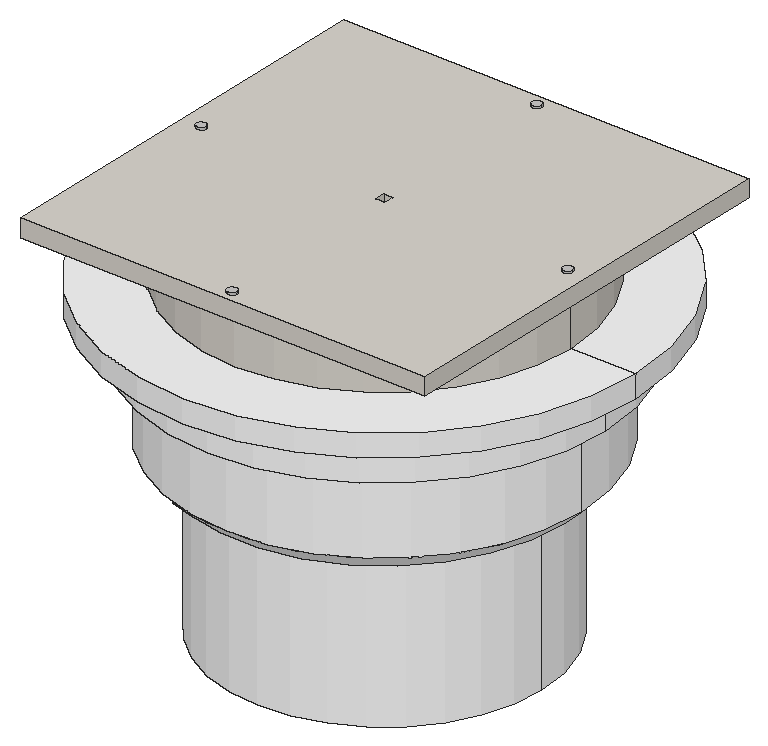
Revit family "Cleanouts-Drain-Floor-WATTS-RD-CO12-SQ", category Plumbing Fixtures, host Face, Revit 2019
Family settings
  Host = Face
  Round Connector Dimension = Use Radius
  Part Type = Normal
  OmniClass Number = 23.70.50.21.24.11
  OmniClass Title = Roof Waste Water Drains
  Cut with Voids When Loaded = No
  Shared = No
  Room Calculation Point = No
Parameters (values of type "4" Pipe Size - ABS-WATTS-002")
  Waste Connection = yes
  WFU = 0
  Vent Connection = no
  URL = "http://www.watts.com"
  Region = "North America"  # constant formula
  Product Page URL = "https://www.watts.com/products/drainage-solutions/floor-drains-channels-trench/cleanouts/co12-sq"
  Product Documentation Link = "https://www.watts.com/dfsmedia/0533dbba17714b1ab581ab07a4cbb521/60191-source/ES-WDLC-CO12-SQ"
  Outlet Radius = 2"
  Outlet Length = 2"  # constant formula
  Model = "CO12-SQ"
  Material = "Plastic-WATTS-ABS-002"
  Manufacturer Product Line = "Drainage Products"  # constant formula
  Manufacturer = "WATTS"  # constant formula
  HWFU = 0
  HW Connection = no
  Grate Width = 5 1/8"  # constant formula
  Grate Height = 7/8"
  Flange Thickness = 0.297"  # constant formula
  Flange Radius = 3 3/16"  # constant formula
  Finish = Plastic-WATTS- PVC-White
  Description = "PVC/ABS Adjustable Floor Cleanout w/Square Top"  # constant formula
  Default Elevation = 0"
  -DI Ductile Iron Top = no
  Country = "United States"  # constant formula
  Flange Collar Radius = 2 205/256"
  Connection Size = Outlet Radius * 2  # 4"
  Connection Description = "4\" ABS Connection Outlet"
  CWFU = 0
  CW Connection = no
  Body Radius = 2 1/2"  # constant formula
  Body Length = 2"  # constant formula
  Assembly Code = "D2040200"
  ADA Compliant = yes
  Grate Dimension = if(Grate Height < 7/8", 7/8", if(Grate Height > 2 3/4", 2 3/4", Grate Height))  # 7/8"
  -VP Vandal Proof Screws = yes
  -SS Stainless Steel = no
Types (7): name | Outlet Radius | Material | Grate Height | -DI Ductile Iron Top | Connection Size | Connection Description | Grate Dimension | -VP Vandal Proof Screws
  (no name) | 2" | "Plastic-WATTS-ABS-002" | 7/8" | no | 4" | "4\" ABS Connection Outlet" | 7/8" | yes
  4" Pipe Size - ABS-WATTS-002 | 2" | "Plastic-WATTS-ABS-002" | 7/8" | no | 4" | "4\" ABS Connection Outlet" | 7/8" | yes
  3" Pipe Size -ABS-WATTS-002 | 1 1/2" | "Plastic-WATTS-ABS-002" | 9" | yes | 3" | "3\" ABS Connection Outlet" | 2 3/4" | no
  2" Pipe Size - ABS-WATTS-002 | 1" | "Plastic-WATTS-ABS-002" | 1" | yes | 2" | "2\" ABS Connection Outlet" | 1" | no
  2" Pipe Size - PVC-WATTS-002 | 1" | "Plastic-WATTS-PVC-002" | 1" | no | 2" | "2\" PVC Connection Outlet" | 1" | yes
  3" Pipe Size - PVC-WATTS-002 | 1 1/2" | "Plastic-WATTS-PVC-002" | 2 3/4" | no | 3" | "3\" PVC Connection Outlet" | 2 3/4" | no
  4" Pipe Size - PVC-WATTS-002 | 2" | "Plastic-WATTS-PVC-002" | 7/8" | yes | 4" | "4\" PVC Connection Outlet" | 7/8" | no
Reference planes (in)
  plane 1 "Center (Front/Back)": y = 0
  plane 2: z = 0
  plane 3 "Center (Left/Right)": x = 0
  plane 4: x = 2.5625
  plane 5: x = -2.5625
  plane 6: y = 2.5625
  plane 7: y = -2.5625
  plane 8: z = -0.875
  plane 9: z = -0.25265
Forms (in)
  Revolve 1, solid, material "Plastic-WATTS- PVC-White" <- "Finish"
    sketch origin (0, 0, 0) x (1, 0, 0) y (0, 0, 1)
      loop
        line (0, -0.875) -> (-3.1875, -0.875) -> (-3.1875, -1.15625) -> (-2.80078, -1.15625) -> (-2.80078, -1.65625) -> (-2.5, -1.65625) -> (-2.5, -2.6799) -> (-2.3049, -2.875) -> (-2, -2.875) -> (-2, -4.875) -> (0, -4.875) -> (0, -0.875)
      axis (0, -4.875) -> (0, -0.875)
    angle from 0 to 360
  Sweep 2, solid, material "Metal-WATTS-Nickel Bronze"
    path origin (0, 0, 0) x (1, 0, 0) y (0, 1, 0)
      loop
        line (-2.5625, 2.5625) -> (-2.5625, -2.5625) -> (2.5625, -2.5625) -> (2.5625, 2.5625) -> (-2.5625, 2.5625)
    profile origin (0, 2.5625, 0) x (0, 1, 0) y (0, 0, 1)
      loop
        line (0, 0) -> (-2.5, 0) -> (-2.5, -0.25265) -> (-0.20205, -0.25265) -> (0, -0.22064) -> (0, 0)
  Revolve 3, solid, material "Metal-WATTS-Nickel Bronze"
    sketch origin (0, 0, 0) x (1, 0, 0) y (0, 0, 1)
      loop
        line (-2.36045, -0.25265) -> (-2.36045, -0.875) -> (0, -0.875) -> (0, -0.25265) -> (-2.36045, -0.25265)
      axis (0, -0.875) -> (0, -0.25265)
    angle from 0 to 360
  Extrusion 4, void
    sketch origin (0, 0, 0) x (1, 0, 0) y (0, 1, 0)
      loop
        line (-2.5625, 2.5625) -> (-2.5625, -2.5625) -> (2.5625, -2.5625) -> (2.5625, 2.5625) -> (-2.5625, 2.5625)
    from -13.1688 to 0
  Extrusion 5, solid, material "Stainless Steel", visible <- "-VP Vandal Proof Screws"
    sketch origin (0.00164, -0.00047, 0) x (1, 0, 0) y (0, 1, 0)
      loop
        circle (-0.00164, -2.41045) r 0.0606
      loop
        circle (-2.32242, 0.00047) r 0.0606
      loop
        circle (2.31915, 0.00047) r 0.0606
      loop
        circle (-0.00164, 2.4114) r 0.0606
    from -0.14804 to 0.01681
Lines and regions (in)
  Masking region 1
    outline origin (0, 0, 0) x (1, 0, 0) y (0, 1, 0)
      loop
        line (2.5625, 2.5625) -> (-2.5625, 2.5625) -> (-2.5625, -2.5625) -> (2.5625, -2.5625) -> (2.5625, 2.5625)
  Masking region 2
    outline origin (0, 0, 0) x (1, 0, 0) y (0, 0, 1)
      loop
        line (2.5625, 0) -> (-2.5625, 0) -> (-2.5625, -0.22064) -> (-2.36045, -0.25265) -> (-2.36045, -0.875) -> (-3.1875, -0.875) -> (-3.1875, -1.15625) -> (-2.80078, -1.15625) -> (-2.80078, -1.65625) -> (-2.5, -1.65625) -> (-2.5, -2.6799) -> (-2.3049, -2.875) -> (-2, -2.875) -> (-2, -4.875) -> (2, -4.875) -> (2, -2.875) -> (2.3049, -2.875) -> (2.5, -2.6799) -> (2.5, -1.65625) -> (2.80078, -1.65625) -> (2.80078, -1.15625) -> (3.1875, -1.15625) -> (3.1875, -0.875) -> (2.36045, -0.875) -> (2.36045, -0.25265) -> (2.5625, -0.22064) -> (2.5625, 0)
  symbolic lines
    curve 1: line (-0.40378, -0.39208, 0) -> (0.39773, -0.39208, 0)
    curve 2: line (-0.40378, 0.39542, 0) -> (-0.40378, -0.39208, 0)
    curve 3: line (0.39773, 0.39542, 0) -> (-0.40378, 0.39542, 0)
    curve 4: line (0.39773, -0.39208, 0) -> (0.39773, 0.39542, 0)
    curve 5: line (-0.95675, -0.89208, 0) -> (0.97296, -0.89208, 0)
    curve 6: line (-0.95675, 0.89542, 0) -> (-0.95675, -0.89208, 0)
    curve 7: line (0.97296, 0.89542, 0) -> (-0.95675, 0.89542, 0)
    curve 8: line (0.97296, -0.89208, 0) -> (0.97296, 0.89542, 0)
    curve 9: line (-1.45675, 1.46265, 0) -> (1.56787, 1.46265, 0)
    curve 10: line (-1.45675, -1.46061, 0) -> (-1.45675, 1.46265, 0)
    curve 11: line (1.56787, -1.46061, 0) -> (-1.45675, -1.46061, 0)
    curve 12: line (1.56787, 1.46265, 0) -> (1.56787, -1.46061, 0)
    curve 13: line (0, -2.0625, 0) -> (0, 2.31698, 0)
    curve 14: line (2.3125, 0, 0) -> (-2.02444, 0, 0)
  symbolic lines, detail levels fine
    curve 15: line (-0.40378, -0.39208, 0) -> (0.39773, -0.39208, 0)
    curve 16: line (-0.40378, 0.39542, 0) -> (-0.40378, -0.39208, 0)
    curve 17: line (0.39773, 0.39542, 0) -> (-0.40378, 0.39542, 0)
    curve 18: line (0.39773, -0.39208, 0) -> (0.39773, 0.39542, 0)
    curve 19: line (-0.95675, -0.89208, 0) -> (0.97296, -0.89208, 0)
    curve 20: line (-0.95675, 0.89542, 0) -> (-0.95675, -0.89208, 0)
    curve 21: line (0.97296, 0.89542, 0) -> (-0.95675, 0.89542, 0)
    curve 22: line (0.97296, -0.89208, 0) -> (0.97296, 0.89542, 0)
    curve 23: line (-1.45675, 1.46265, 0) -> (1.56787, 1.46265, 0)
    curve 24: line (-1.45675, -1.46061, 0) -> (-1.45675, 1.46265, 0)
    curve 25: line (1.56787, -1.46061, 0) -> (-1.45675, -1.46061, 0)
    curve 26: line (1.56787, 1.46265, 0) -> (1.56787, -1.46061, 0)
    curve 27: line (0, -2.0625, 0) -> (0, 2.31698, 0)
    curve 28: line (2.3125, 0, 0) -> (-2.02444, 0, 0)
  model lines, detail levels fine
    curve 29: line (-1.45675, 1.46265, 0) -> (1.56787, 1.46265, 0)
    curve 30: line (0, -2.0625, 0) -> (0, 2.31698, 0)
    curve 31: line (2.3125, 0, 0) -> (-2.02444, 0, 0)
    curve 32: line (1.56787, -1.46061, 0) -> (-1.45675, -1.46061, 0)
    curve 33: line (1.56787, 1.46265, 0) -> (1.56787, -1.46061, 0)
    curve 34: line (-1.45675, -1.46061, 0) -> (-1.45675, 1.46265, 0)
    curve 35: line (-0.95675, 0.89542, 0) -> (-0.95675, -0.89208, 0)
    curve 36: line (0.97296, 0.89542, 0) -> (-0.95675, 0.89542, 0)
    curve 37: line (-0.95675, -0.89208, 0) -> (0.97296, -0.89208, 0)
    curve 38: line (0.97296, -0.89208, 0) -> (0.97296, 0.89542, 0)
    curve 39: line (0.39773, -0.39208, 0) -> (0.39773, 0.39542, 0)
    curve 40: line (0.39773, 0.39542, 0) -> (-0.40378, 0.39542, 0)
    curve 41: line (-0.40378, 0.39542, 0) -> (-0.40378, -0.39208, 0)
    curve 42: line (-0.40378, -0.39208, 0) -> (0.39773, -0.39208, 0)
  symbolic lines, detail levels medium+fine
    curve 43: line (-2.36045, 0, -0.25265) -> (2.36045, 0, -0.25265)
    curve 44: line (2.5625, 0, -0.22064) -> (-2.5625, 0, -0.22064)
    curve 45: line (-3.1875, 0, -0.875) -> (3.1875, 0, -0.875)
    curve 46: line (-3.1875, 0, -1.15625) -> (3.1875, 0, -1.15625)
    curve 47: line (-2.80078, 0, -1.65625) -> (2.80078, 0, -1.65625)
    curve 48: line (-2.3049, 0, -2.875) -> (2.3049, 0, -2.875)
Dimensions and locks (in)
  "Flange Radius": plane 3 "Center (Left/Right)" to Revolve 1 sketch curve
  "Body Radius": plane 3 "Center (Left/Right)" to Revolve 1 sketch curve
  "Outlet Length": Revolve 1 sketch curve to Revolve 1 sketch curve
  "Outlet Radius": plane 3 "Center (Left/Right)" to Revolve 1 sketch curve
  "Flange Collar Radius": Revolve 1 sketch curve to plane 3 "Center (Left/Right)"
  plane 2 to plane 8 = 7/8"
  "Grate Dimension": plane 2 to plane 8
  "Body Length": Revolve 1 sketch curve to Revolve 1 sketch curve
  "Grate Width": plane 6 to plane 7
  "Grate Width": plane 5 to plane 4
  aligned and locked: plane 2 to host face
  aligned and locked: level to host face
  aligned and locked: plane 3 "Center (Left/Right)" to Revolve 1 sketch curve  (x2)
  aligned and locked: Sweep 2 sketch curve to plane 6
  aligned and locked: plane 5 to Sweep 2 sketch curve
  aligned and locked: plane 7 to Sweep 2 sketch curve
  aligned and locked: Sweep 2 sketch curve to plane 4
  aligned and locked: plane 8 to Revolve 1 sketch curve
  aligned and locked: Revolve 3 sketch curve to Sweep 2  (x2)
  aligned and locked: Revolve 3 sketch curve to plane 3 "Center (Left/Right)"
  aligned and locked: plane 3 "Center (Left/Right)" to Revolve 3 sketch curve
  aligned and locked: Masking region 1 sketch curve to Sweep 2  (x4)
  aligned and locked: Extrusion 4 sketch curve to Sweep 2  (x4)
  aligned and locked: Extrusion 4 to Sweep 2
  aligned and locked: curve 29 to curve 23
  aligned and locked: curve 30 to curve 27
  aligned and locked: curve 31 to curve 28
  aligned and locked: curve 32 to curve 25
  aligned and locked: curve 33 to curve 26
  aligned and locked: curve 34 to curve 24
  aligned and locked: curve 35 to curve 20
  aligned and locked: curve 36 to curve 21
  aligned and locked: curve 37 to curve 19
  aligned and locked: curve 38 to curve 22
  aligned and locked: curve 39 to curve 18
  aligned and locked: curve 40 to curve 17
  aligned and locked: curve 41 to curve 16
  aligned and locked: curve 42 to curve 15
  aligned and locked: Masking region 2 sketch curve to Sweep 2  (x6)
  aligned and locked: Masking region 2 sketch curve to Revolve 1  (x15)
  aligned and locked: curve 43 to Sweep 2
  aligned and locked: curve 44 to Sweep 2
  aligned and locked: curve 45 to Revolve 1
  aligned and locked: curve 46 to Revolve 1
  aligned and locked: curve 47 to Revolve 1
  aligned and locked: curve 48 to Revolve 1
Automatic sketch dimensions
  host sketch curve to host sketch curve = 96"  (x2)
  Revolve 3 sketch curve to plane 8 = 0"
  level to Revolve 3 sketch curve = 0.74735"
  Revolve 3 sketch curve to Revolve 3 sketch curve = 1/2"
  plane 5 to Revolve 1 sketch curve = 0.2576"
  Revolve 1 sketch curve to Revolve 1 sketch curve = 0.1951"
  Revolve 1 sketch curve to plane 8 = 25/32"
  Revolve 1 sketch curve to Revolve 1 sketch curve = 9/32"
  level to Revolve 1 sketch curve = 1/4"
  Revolve 1 sketch curve to Revolve 1 sketch curve = 1 1/2"
  plane 1 "Center (Front/Back)" to curve 14 = 0"
  curve 13 to plane 3 "Center (Left/Right)" = 0"
  curve 3 to plane 3 "Center (Left/Right)" = 0.40378"
  curve 7 to curve 2 = 0.55297"
  curve 10 to curve 6 = 1/2"
  plane 3 "Center (Left/Right)" to curve 4 = 0.39773"
  curve 1 to curve 8 = 0.57524"
  curve 7 to curve 12 = 0.59491"
  plane 1 "Center (Front/Back)" to curve 1 = 0.39208"
  curve 5 to curve 1 = 1/2"
  curve 11 to curve 5 = 0.56853"
  curve 2 to plane 1 "Center (Front/Back)" = 0.39542"
  curve 2 to curve 6 = 1/2"
  curve 6 to curve 9 = 0.56723"
  plane 5 to curve 14 = 0.53806"
  plane 4 to curve 14 = 1/4"
  curve 13 to plane 7 = 1/2"
  curve 13 to plane 6 = 0.24552"
  plane 1 "Center (Front/Back)" to curve 28 = 0"
  curve 27 to plane 3 "Center (Left/Right)" = 0"
  curve 28 to curve 14 = 0"  (x2)
  curve 27 to curve 13 = 0"  (x2)
  Sweep 2 sketch curve to level = 0"
  Sweep 2 sketch curve to profile plane = 0"
  profile plane to Sweep 2 sketch curve = 0.20205"
  Sweep 2 sketch curve to level = 0.25265"
  Sweep 2 sketch curve to Sweep 2 sketch curve = 2.29795"
  Sweep 2 sketch curve to Sweep 2 sketch curve = 0.032"
  curve 30 to plane 7 = 1/2"
  curve 30 to plane 6 = 0.24552"
  plane 5 to curve 31 = 0.53806"
  plane 4 to curve 31 = 1/4"
  Masking region 2 sketch curve to plane 9 = 0"
  Masking region 2 sketch curve to plane 8 = 0"
  plane 4 to Masking region 2 sketch curve = 0.2576"
  Masking region 2 sketch curve to Masking region 2 sketch curve = 0.1951"  (x2)
  Masking region 2 sketch curve to plane 8 = 25/32"
  Masking region 2 sketch curve to Masking region 2 sketch curve = 9/32"
  plane 5 to curve 43 = 0.20205"
  plane 4 to curve 43 = 0.20205"
  curve 44 to plane 5 = 0"
  plane 4 to curve 44 = 0"
  curve 45 to plane 5 = 5/8"
  curve 45 to plane 4 = 5/8"
  curve 45 to curve 46 = 0"  (x2)
  curve 47 to plane 5 = 61/256"
  curve 47 to plane 4 = 61/256"
  plane 5 to curve 48 = 0.2576"
  plane 4 to curve 48 = 0.2576"
  plane 1 "Center (Front/Back)" to Extrusion 5 sketch curve = 0"  (x2)
  Extrusion 5 sketch curve to plane 3 "Center (Left/Right)" = 0"  (x2)
  plane 5 to Extrusion 5 sketch curve = 0.24172"
  plane 4 to Extrusion 5 sketch curve = 0.24172"
  Extrusion 5 sketch curve to plane 7 = 0.15157"
  Extrusion 5 sketch curve to plane 6 = 0.15157"
  radius of Extrusion 5 sketch curve = 0.0606"  (x4)
Connectors (in)
  piping at (0, 0, -4.875), diameter 0.5, driven by "Connection Description"
    settings: on Revolve 1, index 1, connector inside diameter 24", connector length 0", flow factor 0, pipe flow 0 GPM, pressure drop 0.00 psi, fitting loss kfactor 0, connector angle 0.00°, fixture units 0, engagement length 0", angle of deflection 0.00°, flow configuration 2, flow direction 1, fitting loss method 0, system type 16, joint type 0, gender type 0, connector reference index -1, connector utility 0, adjustable connector no, is connector primary yes, connector description "4\" ABS Connection Outlet"
